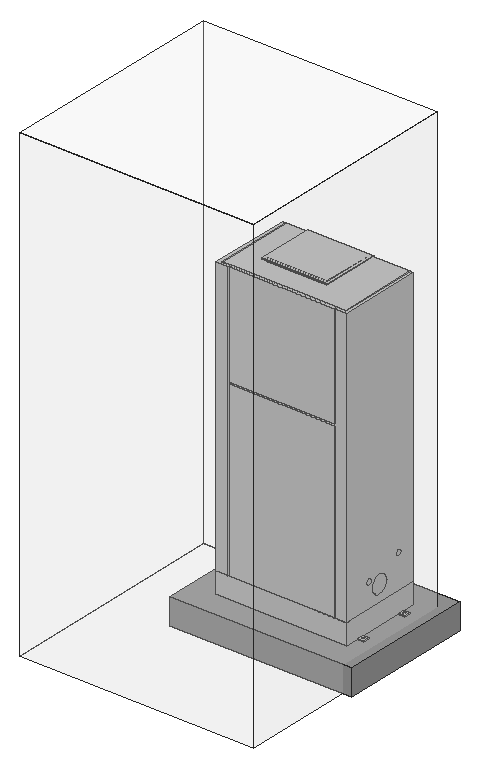
Revit family "pfav-p80_1600dmj1_60Hz", category 機械設備, Revit 2019
Family settings
  丸型コネクタ寸法 = 直径を使用
  パーツ タイプ = 標準
  OmniClass 番号 = 23.75.10.24.21.27.27
  OmniClass タイトル = Split System Air Conditioning Units
  作業面ベース = いいえ
  常に垂直 = はい
  ロード時にボイドで切り取り = いいえ
  共有 = いいえ
  部屋計算ポイント = いいえ
Parameters (values of type "PFAV-P80DMJ1")
  風量（m3／min） = 27
  風量 = MAX風量  # 1620.0 m³/h
  音響パワーレベル(dB) = 61
  電源種別 = ""
  電圧_電気ヒーター = 0 V
  電圧 = 200 V
  電動機出力_送風機 = 1200 W
  電動機出力_圧縮機 = 0 W
  運転質量 = 0.00 kg
  連動 = ""
  質量 = if(製品質量 > 運転質量, 製品質量, 運転質量) * 1.2  # 145.20 kg
  負荷分類 = 3_ファン類
  説明 = "設備用パッケージエアコン 空冷床置形・冷暖兼用 ファシレアＤＤ"
  設計暖房能力 [instance] = 0 kW
  設計冷房能力_顕熱 [instance] = 0 kW
  設計冷房能力 [instance] = 0 kW
  設置方法 = "床置形"
  記号 [instance] = ""
  製造元 = "三菱電機株式会社"
  製品質量 = 121.00 kg
  製品出荷対象 = "国内"
  製品リリース年月 = "2017年4月18日"
  製品グループ = ""
  系統 [instance] = ""
  符号 = "PAC-FRV(J)"
  積算_科目 = "1 空気調和設備"
  積算_拾い区分 [instance] = ""
  相_電気ヒーター = 1
  相 = 3
  盤記号 [instance] = ""
  発停方法 = ""
  特殊仕様 [instance] = ""
  火災停止 = ""
  消費電力_電気ヒーター = 0 W
  消費電力_暖房 = 150 W
  消費電力_加湿器 = 0 W
  消費電力_冷房 = 150 W
  消費電力 = if(消費電力_冷房 > 消費電力_暖房, 消費電力_冷房, 消費電力_暖房) + 消費電力_加湿器 + 消費電力_電気ヒーター  # 150 W
  法定耐用年数 = "15"
  機械基礎質量 [instance] = 0.00 kg
  機械基礎_W = 0 mm
  機械基礎_H = 0 mm
  機械基礎_D = 0 mm
  機械基礎 [instance] = no
  機外静圧 = 30.0 Pa
  極数 = 3
  材質 [instance] = ""
  本体マテリアル = none
  有効加湿量 = 0
  最小電線太さ_mm2 = 1.6
  最大電流値 = 5 A
  暖房能力 = 8 kW
  推奨ブレーカー容量 = 15 A
  形式_加湿器 = ""
  形式 = "床置（露出）立形"
  形名 = PFAV-P-DMJ : PFAV-P80DMJ1
  幹線記号 [instance] = ""
  始動方式 = "直入"
  呼称 = "パッケージ形空気調和機_室内機"
  周波数 = 60 Hz
  台数_手元リモコン [instance] = ""
  台数_冷媒分岐ユニット [instance] = ""
  参照している仕様書等のバージョン = "公共建築工事標準仕様書（機械設備工事編）平成31年度版"
  加湿給水管径 = 27.00 mm
  分類コード = "50053003023020"
  分類グループ = ""
  冷房能力 = 7.1 kW
  冷媒高低圧ガス管径 = 0.00 mm
  冷媒管径符号 = "Bd"
  冷媒管径 = 100.00 mm
  冷媒液管径 = 9.52 mm
  冷媒ガス管径 = 15.88 mm
  価格 = 0
  企業コード = "108420"
  付属品_フィルター = ""
  付属品 [instance] = ""
  仕様書バージョン = "Version1.0"
  モデル = "PFAV-P80DMJ1"
  ドレン管径 = 34.00 mm
  ダクト高 = 334 mm
  ダクト幅 = 383 mm
  サービススペース = yes
  コメント [instance] = ""
  Keynote = ""
  Width = 760 mm
  Version = ""
  Uniclass2015Version = "Systems v1.9"
  Uniclass2015Title = "Split coil remote air cooled condensing units"
  Uniclass2015Code = "Pr_70_65_03_84"
  URL = "https://www.mitsubishielectric.co.jp/ldg/wink/ssl/displayProduct.do?pid=278603"
  S寸法 = 150 mm
  SpecificationReference = ""
  SpecificationDescription = ""
  Revision = ""
  ProductInformation = ""
  OmniClassCode = "23-33 17 13 11"
  MAX風量 = 風量（m3／min） * 60.0 m³/h  # 1620.0 m³/h
  IfcTypeProduct = ""
  IfcProduct = ""
  IfcExportType = "AIRCONDITIONINGUNIT"
  IfcExportAs = "IfcUnitaryEquipmentType"
  Height = 1730 mm
  Depth = 485 mm
  Clearance Top = 1000 mm
  Clearance Right = 100 mm
  Clearance Left = 500 mm
  Clearance Front = 800 mm
  Clearance Back = 50 mm
  COP = 0
  Author = "三菱電機株式会社"
  APF = 0
Types (11, lengths in mm): name | 風量（m3／min） | 風量 | 音響パワーレベル(dB) | 電動機出力_送風機 | 質量 | 製品質量 | 消費電力_暖房 | 消費電力_冷房 | 消費電力 | 機外静圧 | 最小電線太さ_mm2 | 最大電流値 | 暖房能力 | 推奨ブレーカー容量 | 形名 | 冷房能力 | 冷媒管径符号 | 冷媒液管径 | 冷媒ガス管径 | モデル | ドレン管径 | ダクト高 | ダクト幅 | Width | URL | MAX風量 | Height | Depth | Clearance Left | Clearance Front
  PFAV-P80DMJ1 | 27 | 1620.0 m³/h | 61 | 1200 W | 145.20 kg | 121.00 kg | 150 W | 150 W | 150 W | 30.0 Pa | 1.6 | 5 A | 8 kW | 15 A | PFAV-P-DMJ : PFAV-P80DMJ1 | 7.1 kW | "Bd" | 9.52 | 15.88 | "PFAV-P80DMJ1" | 34.00 | 334 | 383 | 760 | "https://www.mitsubishielectric.co.jp/ldg/wink/ssl/displayProduct.do?pid=278603" | 1620.0 m³/h | 1730 | 485 | 500 | 800
  PFAV-P280DMJ1 | 90 | 5400.0 m³/h | 76 | 1200 W | 168.00 kg | 140.00 kg | 1150 W | 1150 W | 1150 W | 30.0 Pa | 1.6 | 5.8 A | 28 kW | 15 A | PFAV-P-DMJ : PFAV-P280DMJ1 | 25 kW | "Bf" | 9.52 | 22.20 | "PFAV-P280DMJ1" | 34.00 | 334 | 715 | 980 | "https://www.mitsubishielectric.co.jp/ldg/wink/ssl/displayProduct.do?pid=278614" | 5400.0 m³/h | 1730 | 485 | 500 | 800
  PFAV-P450DMJ1 | 140 | 8400.0 m³/h | 75 | 2400 W | 288.00 kg | 240.00 kg | 1310 W | 1310 W | 1310 W | 30.0 Pa | 1.6 | 9.7 A | 45 kW | 15 A | PFAV-P-DMJ : PFAV-P450DMJ1 | 40 kW | "Dh" | 15.88 | 28.58 | "PFAV-P450DMJ1" | 34.00 | 489 | 1046 | 1200 | "https://www.mitsubishielectric.co.jp/ldg/wink/ssl/displayProduct.do?pid=278602" | 8400.0 m³/h | 1897 | 635 | 100 | 1000
  PFAV-P140DMJ1 | 45 | 2700.0 m³/h | 68 | 1200 W | 163.20 kg | 136.00 kg | 410 W | 410 W | 410 W | 30.0 Pa | 1.6 | 5 A | 14 kW | 15 A | PFAV-P-DMJ : PFAV-P140DMJ1 | 12.5 kW | "Bd" | 9.52 | 15.88 | "PFAV-P140DMJ1" | 34.00 | 334 | 383 | 760 | "https://www.mitsubishielectric.co.jp/ldg/wink/ssl/displayProduct.do?pid=278604" | 2700.0 m³/h | 1730 | 485 | 500 | 800
  PFAV-P224DMJ1 | 65 | 3900.0 m³/h | 68 | 1200 W | 163.20 kg | 136.00 kg | 510 W | 510 W | 510 W | 30.0 Pa | 1.6 | 5.8 A | 22.4 kW | 15 A | PFAV-P-DMJ : PFAV-P224DMJ1 | 20 kW | "Be" | 9.52 | 19.05 | "PFAV-P224DMJ1" | 34.00 | 334 | 715 | 980 | "https://www.mitsubishielectric.co.jp/ldg/wink/ssl/displayProduct.do?pid=278605" | 3900.0 m³/h | 1730 | 485 | 500 | 800
  PFAV-P560DMJ1 | 165 | 9900.0 m³/h | 78 | 2400 W | 288.00 kg | 240.00 kg | 1690 W | 1690 W | 1690 W | 30.0 Pa | 1.6 | 9.7 A | 56 kW | 15 A | PFAV-P-DMJ : PFAV-P560DMJ1 | 50 kW | "Dh" | 15.88 | 28.58 | "PFAV-P560DMJ1" | 34.00 | 489 | 1046 | 1200 | "https://www.mitsubishielectric.co.jp/ldg/wink/ssl/displayProduct.do?pid=278590" | 9900.0 m³/h | 1897 | 635 | 100 | 1000
  PFAV-P670DMJ1 | 210 | 12600.0 m³/h | 77 | 7500 W | 501.60 kg | 418.00 kg | 2140 W | 2140 W | 2140 W | 67.0 Pa | 5.5 | 21 A | 8 kW | 40 A | PFAV-P-DMJ : PFAV-P670DMJ1 | 63 kW | "Dh" | 15.88 | 28.58 | "PFAV-P670DMJ1" | 42.70 | 484 | 677 | 1750 | "https://www.mitsubishielectric.co.jp/ldg/wink/ssl/displayProduct.do?pid=278616" | 12600.0 m³/h | 1830 | 1064 | 100 | 1000
  PFAV-P800DMJ1 | 260 | 15600.0 m³/h | 82 | 7500 W | 508.80 kg | 424.00 kg | 3640 W | 3640 W | 3640 W | 30.0 Pa | 5.5 | 21 A | 80 kW | 40 A | PFAV-P-DMJ : PFAV-P800DMJ1 | 71 kW | "Ei" | 19.05 | 31.75 | "PFAV-P800DMJ1" | 42.70 | 484 | 677 | 1750 | "https://www.mitsubishielectric.co.jp/ldg/wink/ssl/displayProduct.do?pid=278592" | 15600.0 m³/h | 1830 | 1064 | 100 | 1000
  PFAV-P1120DMJ1 | 340 | 20400.0 m³/h | 85 | 11000 W | 567.60 kg | 473.00 kg | 5960 W | 5960 W | 5960 W | 30.0 Pa | 8 | 32.4 A | 112 kW | 50 A | PFAV-P-DMJ : PFAV-P1120DMJ1 | 100 kW | "Ek" | 19.05 | 38.10 | "PFAV-P1120DMJ1" | 42.70 | 484 | 677 | 1750 | "https://www.mitsubishielectric.co.jp/ldg/wink/ssl/displayProduct.do?pid=278593" | 20400.0 m³/h | 1830 | 1064 | 100 | 1000
  PFAV-P1400DMJ1 | 450 | 27000.0 m³/h | 77 | 15000 W | 778.80 kg | 649.00 kg | 6090 W | 6090 W | 6090 W | 30.0 Pa | 14 | 42 A | 140 kW | 75 A | PFAV-P-DMJ : PFAV-P1400DMJ1 | 122 kW | "Ek" | 19.05 | 38.10 | "PFAV-P1400DMJ1" | 42.70 | 520 | 1806 | 2045 | "https://www.mitsubishielectric.co.jp/ldg/wink/ssl/displayProduct.do?pid=278594" | 27000.0 m³/h | 1830 | 1064 | 100 | 1000
  PFAV-P1600DMJ1 | 520 | 31200.0 m³/h | 79 | 22000 W | 866.40 kg | 722.00 kg | 8420 W | 8420 W | 8420 W | 30.0 Pa | 22 | 64.8 A | 160 kW | 75 A | PFAV-P-DMJ : PFAV-P1600DMJ1 | 140 kW | "Ei" | 19.05 | 31.75 | "PFAV-P1600DMJ1" | 42.70 | 520 | 1806 | 2045 | "https://www.mitsubishielectric.co.jp/ldg/wink/ssl/displayProduct.do?pid=278595" | 31200.0 m³/h | 1830 | 1064 | 100 | 1000
Reference planes
  plane 1: z = 0
  plane 2: z = 1730
  plane 3: z = 0
  plane 4: z = 2730
  plane 5 "中心(正面/背面)": y = -242.5
  plane 6 "中心(左/右)": x = 0
  plane 7 "左": x = -380
  plane 8 "右": x = 380
  plane 9 "正面": y = -485
  plane 10 "背面": y = 0
  plane 11: y = 150
  plane 12: x = -530
  plane 13: y = -635
  plane 14: y = 50
  plane 15: y = -1285
  plane 16: x = -880
  plane 17: x = 480
  plane 18: x = 530
Dimensions and locks
  "Height": plane 2 to plane 3
  "Clearance Top": plane 4 to plane 2
  "機械基礎_H": plane 3 to plane 1
  equal spacing: plane 7 "左", plane 6 "中心(左/右)", plane 8 "右"
  "Width": plane 7 "左" to plane 8 "右"
  equal spacing: plane 9 "正面", plane 5 "中心(正面/背面)", plane 10 "背面"
  "Depth": plane 9 "正面" to plane 10 "背面"
  "S寸法": plane 10 "背面" to plane 11
  "S寸法": plane 13 to plane 9 "正面"
  "S寸法": plane 12 to plane 7 "左"
  "Clearance Left": plane 16 to plane 7 "左"
  "Clearance Right": plane 8 "右" to plane 17
  "Clearance Front": plane 15 to plane 9 "正面"
  "Clearance Back": plane 10 "背面" to plane 14
  "S寸法": plane 8 "右" to plane 18
  aligned and locked: level to plane 1
  aligned and locked: plane 13 to nested 1
  aligned and locked: plane 12 to nested 1
  aligned and locked: plane 11 to nested 1
  aligned and locked: plane 17 to nested 2
  aligned and locked: plane 15 to nested 2
  aligned and locked: nested 2 to plane 16
  aligned and locked: nested 2 to plane 14
  aligned and locked: plane 18 to nested 1
  aligned and locked: plane 4 to nested 2
  aligned and locked: plane 6 "中心(左/右)" to nested 3
  aligned and locked: plane 5 "中心(正面/背面)" to nested 3
Nested families
  nested 1: "機械基礎" at (0, -242.5, 0), type "機械基礎", detail levels fine
    with 機械基礎質量 184.68 kg, 機械基礎_W 1060 mm, 機械基礎_H 150 mm, 機械基礎_D 785 mm
  nested 2: "サービススペース(PFAV-P_DMJ)" at (-200, -617.5, 1365), visible <- "サービススペース", type "サービススペース(PFAV-P_DMJ)"
    with Width 1360 mm, Height 2730 mm, Depth 1335 mm
  nested 3: "PFAV-P-DMJ" at (0, -242.5, 150), type <- "形名", マテリアル1 <- "本体マテリアル", type "PFAV-P80DMJ1"
    with 表示 yes, マテリアル2 none, マテリアル1 none
Connectors
  hvac at (-27.5, -186, 1900), driven by "ダクト幅", driven by "ダクト高", driven by "機外静圧", driven by "風量"
    settings: on nested 3, index 1, duct flow 1620.0 m³/h, flow factor 0, pres drop 30.0 Pa, loss coef 0, conn angle 0.00°, conn width 334 mm, conn height 383 mm, conn diameter 609.6 mm, duct sys type 1, conn prof type 1, flow config 1, flow direction 2, loss method 4, conn ref index -1, conn util no, is conn primary yes, conn desc ""
  piping at (383, -249, 367), diameter 100, driven by "冷媒管径", driven by "冷媒管径符号"
    settings: on nested 3, index 2, connector inside diameter 609.60 mm, connector length 0 mm, flow factor 0, pipe flow 0.0 L/s, pressure drop 0.0 Pa, fitting loss kfactor 0, connector angle 0.00°, fixture units 0, engagement length 0 mm, angle of deflection 0.00°, flow configuration 1, flow direction 1, fitting loss method 4, system type 7, joint type 0, gender type 0, connector reference index -1, connector utility 0, adjustable connector no, is connector primary yes, connector description "Bd"
  electrical at (383, -326, 412), driven by "極数", driven by "負荷分類", driven by "電圧", driven by "消費電力"
    settings: on nested 3, index 3, voltage 200 V, apparent load 150 VA, apparent load phase1 0 VA, apparent load phase2 0 VA, apparent load phase3 0 VA, power factor 1, load classification "3_ファン類", number of poles 3, system type 30, power factor state 1, is connector primary yes, connector utility no, sub classification motor no, connector description ""
  piping at (383, -111, 472), diameter 27, driven by "加湿給水管径"
    settings: on nested 3, index 4, connector inside diameter 609.60 mm, connector length 0 mm, flow factor 0, pipe flow 0.0 L/s, pressure drop 0.0 Pa, fitting loss kfactor 0, connector angle 0.00°, fixture units 0, engagement length 0 mm, angle of deflection 0.00°, flow configuration 1, flow direction 1, fitting loss method 4, system type 20, joint type 0, gender type 0, connector reference index -1, connector utility 0, adjustable connector no, is connector primary no, connector description ""
Definition of nested family "機械基礎"
  Parameters (values of type "機械基礎")
    機械基礎質量 [instance] = 0.00 kg
    機械基礎_W [instance] = 1300 mm
    機械基礎_H [instance] = 150 mm
    機械基礎_D [instance] = 1300 mm
  Reference planes
    plane 1 "中心(正面/背面)": y = 0
    plane 2: z = 0
    plane 3 "中心(左/右)": x = 0
    plane 4: x = -650
    plane 5: y = -650
    plane 6: x = 650
    plane 7: y = 650
    plane 8: z = 150
  Forms (mm)
    Extrusion 1, solid, detail levels fine
      sketch origin (0, 0, 0) x (1, 0, 0) y (0, 1, 0)
        loop
          line (-650, -650) -> (650, -650) -> (650, 650) -> (-650, 650) -> (-650, -650)
      from 0 to 150
  Lines and regions (mm)
    symbolic lines, detail levels fine
      curve 1: line (-650, 650, 0) -> (650, 650, 0)
      curve 2: line (-650, -650, 0) -> (-650, 650, 0)
      curve 3: line (650, -650, 0) -> (-650, -650, 0)
      curve 4: line (650, 650, 0) -> (650, -650, 0)
    symbolic lines
      curve 5: line (-650, 0, 150) -> (650, 0, 150)
      curve 6: line (-650, 0, 0) -> (-650, 0, 150)
      curve 7: line (650, 0, 0) -> (-650, 0, 0)
      curve 8: line (650, 0, 150) -> (650, 0, 0)
      curve 9: line (0, -650, 150) -> (0, 650, 150)
      curve 10: line (0, -650, 0) -> (0, -650, 150)
      curve 11: line (0, 650, 0) -> (0, -650, 0)
      curve 12: line (0, 650, 150) -> (0, 650, 0)
  Dimensions and locks
    "機械基礎_H": plane 8 to plane 2
    "機械基礎_W": plane 4 to plane 6
    "機械基礎_D": plane 5 to plane 7
    equal spacing: plane 5, plane 1 "中心(正面/背面)", plane 7
    equal spacing: plane 4, plane 3 "中心(左/右)", plane 6
    aligned and locked: plane 6 to Extrusion 1
    aligned and locked: Extrusion 1 to plane 4
    aligned and locked: Extrusion 1 to plane 7
    aligned and locked: Extrusion 1 to plane 5
    aligned and locked: plane 8 to Extrusion 1
    aligned and locked: curve 1 to Extrusion 1
    aligned and locked: curve 2 to Extrusion 1
    aligned and locked: curve 3 to Extrusion 1
    aligned and locked: curve 4 to Extrusion 1
    aligned and locked: curve 5 to Extrusion 1
    aligned and locked: curve 6 to Extrusion 1
    aligned and locked: curve 7 to Extrusion 1
    aligned and locked: curve 8 to Extrusion 1
    aligned and locked: curve 9 to Extrusion 1
    aligned and locked: curve 10 to Extrusion 1
    aligned and locked: curve 11 to Extrusion 1
    aligned and locked: curve 12 to Extrusion 1
  Automatic sketch dimensions
    Extrusion 1 sketch curve to plane 4 = 0 mm
    Extrusion 1 sketch curve to plane 6 = 0 mm
    plane 5 to Extrusion 1 sketch curve = 0 mm
    plane 7 to Extrusion 1 sketch curve = 0 mm
Definition of nested family "サービススペース(PFAV-P_DMJ)"
  Parameters (values of type "サービススペース")
    Width [instance] = 500 mm
    Height [instance] = 500 mm
    Depth [instance] = 500 mm
  Reference planes
    plane 1 "中心(正面/背面)": y = 0
    plane 2: z = 0
    plane 3 "中心(左/右)": x = 0
    plane 4: y = -250
    plane 5: x = 250
    plane 6: y = 250
    plane 7: x = -250
    plane 8: z = 250
    plane 9: z = -250
  Forms (mm)
    Extrusion 1, solid
      sketch origin (-638.939, 0, 72.39) x (1, 0, 0) y (0, 1, 0)
        loop
          line (388.939, 250) -> (388.939, -250) -> (888.939, -250) -> (888.939, 250) -> (388.939, 250)
      from -322.39 to 177.61
  Lines and regions (mm)
    symbolic lines
      curve 1: line (-250, 0, 250) -> (250, 0, 250)
      curve 2: line (-250, 0, -250) -> (-250, 0, 250)
      curve 3: line (250, 0, -250) -> (-250, 0, -250)
      curve 4: line (250, 0, 250) -> (250, 0, -250)
      curve 5: line (0, -250, 250) -> (0, 250, 250)
      curve 6: line (0, -250, -250) -> (0, -250, 250)
      curve 7: line (0, 250, -250) -> (0, -250, -250)
      curve 8: line (0, 250, 250) -> (0, 250, -250)
      curve 9: line (-250, 250, 0) -> (250, 250, 0)
      curve 10: line (-250, -250, 0) -> (-250, 250, 0)
      curve 11: line (250, -250, 0) -> (-250, -250, 0)
      curve 12: line (250, 250, 0) -> (250, -250, 0)
  Dimensions and locks
    equal spacing: plane 7, plane 3 "中心(左/右)", plane 5
    equal spacing: plane 4, plane 1 "中心(正面/背面)", plane 6
    "Depth": plane 4 to plane 6
    "Width": plane 7 to plane 5
    equal spacing: plane 8, plane 2, plane 9
    "Height": plane 8 to plane 9
    aligned and locked: plane 9 to curve 3
    aligned and locked: plane 7 to curve 2
    aligned and locked: curve 4 to plane 5
    aligned and locked: plane 5 to Extrusion 1
    aligned and locked: Extrusion 1 to plane 7
    aligned and locked: Extrusion 1 to plane 9
    aligned and locked: plane 8 to Extrusion 1
    aligned and locked: plane 9 to curve 7
  Automatic sketch dimensions
    plane 4 to Extrusion 1 sketch curve = 0 mm
    Extrusion 1 sketch curve to plane 7 = 0 mm
    Extrusion 1 sketch curve to plane 5 = 0 mm
    plane 6 to Extrusion 1 sketch curve = 0 mm
    curve 2 to plane 8 = 0 mm
    plane 4 to curve 11 = 0 mm
    curve 11 to plane 7 = 0 mm
    curve 11 to plane 5 = 0 mm
    plane 6 to curve 10 = 0 mm
    curve 7 to plane 4 = 0 mm
    curve 7 to plane 6 = 0 mm
    curve 6 to plane 8 = 0 mm
Definition of nested family "PFAV-P-DMJ"
  Parameters (values of type "PFAV-P80DMJ1")
    液径 = 9.52 mm
    液-W = 0 mm
    液-H = 172 mm
    液-D = 249 mm
    ドレン② = no
    ドレン① = yes
    ①高 = 1730 mm
    電源径 = 27 mm
    電源-W = 0 mm
    電源-H = 262 mm
    電源-D = 326 mm
    表示 [instance] = yes
    ①幅 = 760 mm
    ①奥行 = 485 mm
    吊りボルト径 = 12 mm
    吊りボルト-W = 806 mm
    吊りボルト-D = 300 mm
    吊りボルト-H = 0 mm
    加湿給水管径 = 27 mm
    加湿給水-W = 0 mm
    加湿給水-H = 322 mm
    加湿給水-D = 111 mm
    冷媒径 = 100 mm
    ガス径 = 15.88 mm
    ガス-W = 0 mm
    ガス-H = 262 mm
    ガス-D = 249 mm
    マテリアル2 [instance] = none
    マテリアル1 [instance] = none
    ドレン径 = 34 mm
    ドレン-W = 200 mm
    ドレン-H = 54 mm
    ドレン-D = 240 mm
    w = 343 mm
    h = 20 mm
    e = 600 mm
    c = 10 mm
    d = 294 mm
    b = 216 mm
    a = 19 mm
  Types (11, lengths in mm): name | 液径 | 液-H | 液-D | ドレン② | ドレン① | ①高 | 電源-H | 電源-D | ①幅 | ①奥行 | 吊りボルト-W | 吊りボルト-D | 加湿給水-H | 加湿給水-D | ガス径 | ガス-H | ガス-D | ドレン-W | ドレン-H | ドレン-D | w | h | c | d | b | a
    PFAV-P80DMJ1 | 9.52 | 172 | 249 | no | yes | 1730 | 262 | 326 | 760 | 485 | 806 | 300 | 322 | 111 | 15.88 | 262 | 249 | 200 | 54 | 240 | 343 | 20 | 10 | 294 | 216 | 19
    PFAV-P140DMJ1 | 9.52 | 172 | 249 | no | yes | 1730 | 262 | 326 | 760 | 485 | 806 | 300 | 322 | 111 | 15.88 | 262 | 249 | 200 | 54 | 240 | 343 | 20 | 10 | 294 | 216 | 19
    PFAV-P224DMJ1 | 9.52 | 172 | 249 | no | yes | 1730 | 262 | 326 | 980 | 485 | 1026 | 300 | 322 | 111 | 19.05 | 262 | 249 | 200 | 54 | 240 | 675 | 20 | 10 | 294 | 171 | 22
    PFAV-P280DMJ1 | 9.52 | 172 | 249 | no | yes | 1730 | 262 | 326 | 980 | 485 | 1026 | 300 | 322 | 111 | 19.05 | 262 | 249 | 200 | 54 | 240 | 675 | 20 | 10 | 294 | 171 | 22
    PFAV-P450DMJ1 | 12.7 | 203 | 254 | no | yes | 1897 | 249 | 475 | 1200 | 635 | 1246 | 440 | 249 | 321 | 28.58 | 209 | 128 | 200 | 64 | 314 | 1006 | 3 | 10 | 449 | 77 | 24
    PFAV-P560DMJ1 | 12.7 | 203 | 254 | no | yes | 1897 | 249 | 475 | 1200 | 635 | 1246 | 440 | 249 | 321 | 28.58 | 209 | 128 | 200 | 64 | 314 | 1006 | 3 | 10 | 449 | 77 | 24
    PFAV-P670DMJ1 | 15.88 | 255 | 408 | yes | no | 1830 | 249 | 475 | 1750 | 1064 | 1806 | 931 | 260 | 649 | 28.58 | 215 | 313 | 875 | 40 | 314 | 637 | 30 | 3 | 444 | 77 | 24
    PFAV-P800DMJ1 | 19.05 | 255 | 408 | yes | no | 1830 | 249 | 475 | 1750 | 1064 | 1806 | 931 | 260 | 649 | 31.75 | 215 | 313 | 875 | 40 | 314 | 637 | 30 | 3 | 444 | 77 | 24
    PFAV-P1120DMJ1 | 19.05 | 255 | 408 | yes | no | 1830 | 249 | 475 | 1750 | 1064 | 1806 | 931 | 260 | 649 | 38.1 | 215 | 313 | 875 | 40 | 314 | 637 | 30 | 3 | 444 | 77 | 24
    PFAV-P1400DMJ1 | 19.05 | 255 | 218 | yes | no | 1830 | 249 | 475 | 2045 | 1064 | 2101 | 931 | 260 | 649 | 38.1 | 245 | 123 | 1023 | 40 | 314 | 1766 | 30 | 3 | 480 | 77 | 24
    PFAV-P1600DMJ1 | 19.05 | 255 | 218 | yes | no | 1830 | 249 | 475 | 2045 | 1064 | 2101 | 931 | 260 | 649 | 31.75 | 245 | 123 | 1023 | 40 | 314 | 1766 | 30 | 3 | 480 | 77 | 24
  Reference planes
    plane 1 "中心(正面/背面)": y = 0
    plane 2: z = 0
    plane 3 "中心(左/右)": x = 0
    plane 4: x = 380
    plane 5: x = -380
    plane 6: y = 242.5
    plane 7: y = -242.5
    plane 8: z = 1750
    plane 9: z = 1130
    plane 10: z = 1730
    plane 11: z = 120
    plane 12: y = 150
    plane 13: y = -150
    plane 14: x = 403
    plane 15: x = -403
    plane 16: y = 223.5
    plane 17: y = -162.5
    plane 18: z = 54
    plane 19: z = 262
    plane 20: y = -6.5
    plane 21: z = 172
    plane 22: z = 262
    plane 23: z = 1748
    plane 24: y = -6.5
    plane 25: x = 360
    plane 26: x = -360
    plane 27: z = 1120
    plane 28: y = -222.5
    plane 29: x = -310
    plane 30: x = 310
    plane 31: y = -239.5
    plane 32: x = 420
    plane 33: x = -420
    plane 34: y = 170
    plane 35: y = 130
    plane 36: y = -130
    plane 37: y = -170
    plane 38: y = 203.5
    plane 39: z = 5
    plane 40: x = 164
    plane 41: x = 144
    plane 42: x = -199
    plane 43: x = -219
    plane 44: y = -110.5
    plane 45: y = -90.5
    plane 46: y = 2.5
    plane 47: y = -83.5
    plane 48: x = 383
    plane 49: y = -6.5
    plane 50: z = 217
    plane 51: y = 131.5
    plane 52: z = 322
    plane 53: x = -381
    plane 54: y = 243.5
    plane 55: x = 180
  Forms (mm)
    Extrusion 1, solid, material <- "マテリアル1", visible <- "表示", detail levels fine
      sketch origin (0, 0, -400) x (1, 0, 0) y (0, 1, 0)
        loop
          line (310, -222.5) -> (-310, -222.5) -> (-310, -239.5) -> (310, -239.5) -> (310, -222.5)
      from 1530 to 2130
    Extrusion 2, solid, material <- "マテリアル1", visible <- "表示", detail levels fine
      sketch origin (0, 0, -800) x (1, 0, 0) y (0, 1, 0)
        loop
          line (-310, -239.5) -> (310, -239.5) -> (310, -222.5) -> (-310, -222.5) -> (-310, -239.5)
      from 920 to 1920
    Extrusion 3, solid, material <- "マテリアル2", visible <- "表示", detail levels fine
      sketch origin (0, 0, 0) x (1, 0, 0) y (0, 1, 0)
        loop
          line (380, 170) -> (380, 130) -> (420, 130) -> (420, 170) -> (380, 170)
        loop
          line (380, -130) -> (380, -170) -> (420, -170) -> (420, -130) -> (380, -130)
        loop
          line (-420, 170) -> (-420, 130) -> (-380, 130) -> (-380, 170) -> (-420, 170)
        loop
          line (-420, -130) -> (-420, -170) -> (-380, -170) -> (-380, -130) -> (-420, -130)
        loop
          circle (-403, 150) r 6
        loop
          circle (403, 150) r 6
        loop
          circle (403, -150) r 6
        loop
          circle (-403, -150) r 6
      from 0 to 5
    Extrusion 4, solid, material <- "マテリアル2", visible <- "表示", detail levels fine
      sketch origin (0, -1140, 0) x (0, -1, 0) y (1, 0, 0)
        loop
          line (-1343.5, 144) -> (-1343.5, -199) -> (-1049.5, -199) -> (-1049.5, 144) -> (-1343.5, 144)
      from 1730 to 1748
    Extrusion 5, solid, material <- "マテリアル2", visible <- "表示", detail levels fine
      sketch origin (0, -1140, -430) x (0, -1, 0) y (1, 0, 0)
        loop
          line (-1363.5, 164) -> (-1363.5, -219) -> (-1029.5, -219) -> (-1029.5, 164) -> (-1363.5, 164)
      from 2178 to 2180
    Extrusion 6, solid, material <- "マテリアル1", visible <- "表示", detail levels fine
      sketch origin (-1437.329, -1524, 1750) x (-1, 0, 0) y (0, -1, 0)
        loop
          line (-1057.329, -1766.5) -> (-1057.329, -1281.5) -> (-1127.329, -1281.5) -> (-1127.329, -1301.5) -> (-1077.329, -1301.5) -> (-1077.329, -1766.5) -> (-1057.329, -1766.5)
        loop
          line (-1797.329, -1766.5) -> (-1797.329, -1301.5) -> (-1747.329, -1301.5) -> (-1747.329, -1281.5) -> (-1817.329, -1281.5) -> (-1817.329, -1766.5) -> (-1797.329, -1766.5)
      from -1630 to -20
    Extrusion 7, solid, material <- "マテリアル1", visible <- "表示", detail levels fine
      sketch origin (-1437.329, -1524, 1750) x (-1, 0, 0) y (0, -1, 0)
        loop
          line (-1797.329, -1766.5) -> (-1077.329, -1766.5) -> (-1077.329, -1301.5) -> (-1797.329, -1301.5) -> (-1797.329, -1766.5)
      from -1630 to -20
    Extrusion 8, solid, material <- "マテリアル2", visible <- "表示", detail levels fine
      sketch origin (-1437.329, -1524, 1750) x (-1, 0, 0) y (0, -1, 0)
        loop
          line (-1057.329, -1766.5) -> (-1057.329, -1281.5) -> (-1817.329, -1281.5) -> (-1817.329, -1766.5) -> (-1057.329, -1766.5)
      from -1750 to -1630
    Extrusion 9, solid, material <- "マテリアル2", visible <- "表示", detail levels fine
      sketch origin (380, 1296.25, 1200) x (0, 1, 0) y (0, 0, 1)
        loop
          circle (-1379.75, -938) r 13.5
        loop
          circle (-1164.75, -878) r 13.5
      from 0 to 3
    Extrusion 10, solid, material <- "マテリアル1", visible <- "表示", detail levels fine
      sketch origin (380, 1296.25, 1200) x (0, 1, 0) y (0, 0, 1)
        loop
          circle (-1302.75, -983) r 50
      from 0 to 3
    Extrusion 11, solid, material <- "マテリアル1", visible <- "ドレン①", detail levels fine
      sketch origin (-380, 1296.25, 1200) x (0, 1, 0) y (0, 0, 1)
        loop
          circle (-1293.75, -1146) r 17
      from -1 to 0
    Extrusion 12, solid, material <- "マテリアル1", visible <- "ドレン②", detail levels fine
      sketch origin (1480.036, -239.5, 2000) x (1, 0, 0) y (0, 0, 1)
        loop
          circle (-1300.036, -1946) r 17
      from -483 to -482
  Lines and regions (mm)
    Masking region 1, visible <- "表示", detail levels coarse+medium
      outline origin (0, 0, 0) x (1, 0, 0) y (0, 1, 0)
        loop
          line (-380, 242.5) -> (-380, -242.5) -> (380, -242.5) -> (380, 242.5) -> (-380, 242.5)
    symbolic lines, visible <- "表示"
      curve 1: line (-380, 242.5, 1750) -> (-380, -242.5, 1750)
      curve 2: line (-380, -242.5, 1750) -> (380, -242.5, 1750)
      curve 3: line (380, -242.5, 1750) -> (380, 242.5, 1750)
      curve 4: line (380, 242.5, 1750) -> (-380, 242.5, 1750)
      curve 5: line (-219, 223.5, 1750) -> (-219, -110.5, 1750)
      curve 6: line (-219, -110.5, 1750) -> (164, -110.5, 1750)
      curve 7: line (164, -110.5, 1750) -> (164, 223.5, 1750)
      curve 8: line (164, 223.5, 1750) -> (-219, 223.5, 1750)
  Dimensions and locks
    equal spacing: plane 7, plane 1 "中心(正面/背面)", plane 6
    "①奥行": plane 7 to plane 6
    equal spacing: plane 5, plane 3 "中心(左/右)", plane 4
    "①幅": plane 5 to plane 4
    locked: plane 11 to level at 120
    equal spacing: plane 13, plane 1 "中心(正面/背面)", plane 12
    "吊りボルト-D": plane 13 to plane 12
    equal spacing: plane 15, plane 3 "中心(左/右)", plane 14
    "吊りボルト-W": plane 15 to plane 14
    "a": plane 16 to plane 6
    locked: plane 7 to plane 17 at 80
    "ドレン-H": plane 18 to level
    "電源-H": plane 19 to level
    "液-H": plane 21 to level
    "e": plane 10 to plane 9
    "ガス-H": plane 22 to level
    "h": plane 8 to plane 10
    locked: plane 8 to plane 23 at 2
    locked: plane 5 to plane 26 at 20
    locked: plane 25 to plane 4 at 20
    "c": plane 9 to plane 27
    locked: plane 7 to plane 28 at 20
    locked: plane 26 to plane 29 at 50
    locked: plane 30 to plane 25 at 50
    locked: plane 7 to plane 31 at 3
    locked: plane 33 to plane 5 at 40
    locked: plane 4 to plane 32 at 40
    plane 37 to plane 13 to plane 36 = 20 mm locked, 20 mm locked
    plane 35 to plane 12 to plane 34 = 20 mm locked, 20 mm locked
    locked: plane 38 to plane 16 at 20
    locked: plane 39 to level at 5
    "b": plane 40 to plane 4
    locked: plane 43 to plane 42 at 20
    locked: plane 41 to plane 40 at 20
    "w": plane 42 to plane 41
    locked: plane 44 to plane 45 at 20
    "d": plane 45 to plane 38
    "①高": plane 10 to level
    "液-D": plane 20 to plane 6
    "ガス-D": plane 24 to plane 6
    "ドレン-D": plane 46 to plane 6
    "電源-D": plane 47 to plane 6
    locked: plane 4 to plane 48 at 3
    equal spacing: plane 20, plane 49, plane 24
    equal spacing: plane 22, plane 50, plane 21
    "加湿給水-D": plane 51 to plane 6
    "加湿給水-H": plane 52 to level
    locked: plane 53 to plane 5 at 1
    locked: plane 6 to plane 54 at 1
    "ドレン-W": plane 55 to plane 4
    "吊りボルト径": diameter of Extrusion 3 sketch curve  (x4)
    "電源径": diameter of Extrusion 9 sketch curve
    "冷媒径": diameter of Extrusion 10 sketch curve
    "加湿給水管径": diameter of Extrusion 9 sketch curve
    "ドレン径": diameter of Extrusion 11 sketch curve
    "ドレン径": diameter of Extrusion 12 sketch curve
    aligned and locked: level to plane 2
    aligned and locked: plane 13 to nested 1
    aligned and locked: plane 14 to nested 1
    aligned and locked: plane 15 to nested 1
    aligned and locked: nested 1 to plane 12
    aligned and locked: Extrusion 2 to plane 11
    aligned and locked: Extrusion 1 to plane 9
    aligned and locked: Extrusion 5 to plane 23
    aligned and locked: plane 8 to Extrusion 5
    aligned and locked: Extrusion 6 to plane 11
    aligned and locked: Extrusion 4 to Extrusion 5
    aligned and locked: Extrusion 4 to plane 10
    aligned and locked: plane 10 to Extrusion 6
    aligned and locked: plane 10 to Extrusion 1
    aligned and locked: plane 27 to Extrusion 2
    aligned and locked: Extrusion 2 sketch curve to plane 28
    aligned and locked: Extrusion 6 sketch curve to plane 7  (x2)
    aligned and locked: Extrusion 6 sketch curve to plane 29
    aligned and locked: Extrusion 6 sketch curve to plane 30
    aligned and locked: Extrusion 6 sketch curve to plane 25
    aligned and locked: plane 28 to Extrusion 6 sketch curve  (x2)
    aligned and locked: Extrusion 2 sketch curve to plane 29
    aligned and locked: Extrusion 2 sketch curve to plane 30
    aligned and locked: plane 31 to Extrusion 2 sketch curve
    aligned and locked: Extrusion 1 sketch curve to plane 30
    aligned and locked: Extrusion 1 sketch curve to plane 29
    aligned and locked: Extrusion 1 sketch curve to plane 28
    aligned and locked: Extrusion 1 sketch curve to plane 31
    aligned and locked: Extrusion 7 sketch curve to plane 6
    aligned and locked: Extrusion 7 sketch curve to plane 26
    aligned and locked: Extrusion 7 sketch curve to plane 28
    aligned and locked: Extrusion 7 sketch curve to plane 25
    aligned and locked: plane 10 to Extrusion 7
    aligned and locked: Extrusion 7 to plane 11
    aligned and locked: plane 34 to Extrusion 3 sketch curve  (x2)
    aligned and locked: plane 4 to Extrusion 3 sketch curve  (x2)
    aligned and locked: Extrusion 3 sketch curve to plane 35  (x2)
    aligned and locked: Extrusion 3 sketch curve to plane 32  (x2)
    aligned and locked: plane 36 to Extrusion 3 sketch curve  (x2)
    aligned and locked: Extrusion 3 sketch curve to plane 37  (x2)
    aligned and locked: plane 33 to Extrusion 3 sketch curve  (x2)
    aligned and locked: Extrusion 3 sketch curve to plane 5  (x2)
    aligned and locked: plane 12 to Extrusion 3 sketch curve  (x2)
    aligned and locked: plane 15 to Extrusion 3 sketch curve  (x2)
    aligned and locked: plane 13 to Extrusion 3 sketch curve  (x2)
    aligned and locked: plane 14 to Extrusion 3 sketch curve  (x2)
    aligned and locked: Extrusion 3 to level
    aligned and locked: plane 39 to Extrusion 3
    aligned and locked: Extrusion 8 sketch curve to Extrusion 6
    aligned and locked: Extrusion 8 sketch curve to Extrusion 7
    aligned and locked: Extrusion 8 to level
    aligned and locked: plane 11 to Extrusion 8
    aligned and locked: Extrusion 4 sketch curve to plane 38
    aligned and locked: Extrusion 4 sketch curve to plane 45
    aligned and locked: Extrusion 4 sketch curve to plane 41
    aligned and locked: Extrusion 4 sketch curve to plane 42
    aligned and locked: Extrusion 5 sketch curve to plane 40
    aligned and locked: Extrusion 5 sketch curve to plane 16
    aligned and locked: Extrusion 5 sketch curve to plane 44
    aligned and locked: Extrusion 5 sketch curve to plane 43
    aligned and locked: Masking region 1 sketch curve to Extrusion 8
    aligned and locked: Masking region 1 sketch curve to Extrusion 6
    aligned and locked: Masking region 1 sketch curve to plane 7
    aligned and locked: Masking region 1 sketch curve to plane 4
    aligned and locked: curve 1 to Masking region 1
    aligned and locked: curve 3 to Masking region 1
    aligned and locked: curve 4 to Masking region 1
    aligned and locked: curve 5 to Extrusion 5
    aligned and locked: curve 6 to Extrusion 5
    aligned and locked: curve 7 to Extrusion 5
    aligned and locked: curve 8 to Extrusion 5
    aligned and locked: plane 47 to Extrusion 9 sketch curve
    aligned and locked: plane 19 to Extrusion 9 sketch curve
    aligned and locked: Extrusion 9 to plane 4
    aligned and locked: plane 48 to Extrusion 9
    aligned and locked: plane 49 to Extrusion 10 sketch curve
    aligned and locked: plane 50 to Extrusion 10 sketch curve
    aligned and locked: Extrusion 10 to plane 4
    aligned and locked: plane 48 to Extrusion 10
    aligned and locked: plane 52 to Extrusion 9 sketch curve
    aligned and locked: plane 51 to Extrusion 9 sketch curve
    aligned and locked: plane 5 to Extrusion 6 sketch curve
    aligned and locked: plane 4 to Extrusion 6 sketch curve
    aligned and locked: Extrusion 8 sketch curve to plane 7
    aligned and locked: plane 4 to Extrusion 8 sketch curve
    aligned and locked: plane 46 to Extrusion 11 sketch curve
    aligned and locked: plane 18 to Extrusion 11 sketch curve
    aligned and locked: Extrusion 11 to plane 53
    aligned and locked: plane 5 to Extrusion 11
    aligned and locked: plane 18 to Extrusion 12 sketch curve
    aligned and locked: plane 55 to Extrusion 12 sketch curve
    aligned and locked: Extrusion 12 to plane 54
    aligned and locked: plane 6 to Extrusion 12
  Automatic sketch dimensions
    Extrusion 6 sketch curve to plane 26 = 0 mm
    plane 6 to Extrusion 6 sketch curve = 0 mm  (x2)
    plane 28 to Extrusion 2 sketch curve = 0 mm
    plane 7 to curve 2 = 0 mm
  Nested families
    nested 1: "固定点" at (-403, -150, 0), visible <- "表示", type "固定点", detail levels fine
      with W 806 mm, D 300 mm, 中心円 12 mm
  Definition of nested family "固定点"
    Parameters (values of type "固定点")
      中心円 = 20 mm
      W [instance] = 1000 mm
      D [instance] = 1000 mm
    Reference planes
      plane 1 "中心(正面/背面)": y = 0
      plane 2: z = 0
      plane 3 "中心(左/右)": x = 0
      plane 4: x = 1000
      plane 5: y = 1000
    Lines and regions (mm)
      symbolic lines, detail levels fine
        curve 1: circle (0, 1000, 0) r 10 normal (0, 0, 1)
        curve 2: circle (0, 0, 0) r 10 normal (0, 0, 1)
        curve 3: circle (1000, 1000, 0) r 10 normal (0, 0, 1)
        curve 4: circle (1000, 0, 0) r 10 normal (0, 0, 1)
        curve 5: line (-200, 1000, 0) -> (1200, 1000, 0)
        curve 6: line (-200, 0, 0) -> (1200, 0, 0)
        curve 7: line (0, 1200, 0) -> (0, -200, 0)
        curve 8: line (1000, 1200, 0) -> (1000, -200, 0)
    Dimensions and locks
      "W": plane 3 "中心(左/右)" to plane 4
      "D": plane 1 "中心(正面/背面)" to plane 5
      "中心円": diameter of curve 1
      "中心円": diameter of curve 2
      "中心円": diameter of curve 3
      "中心円": diameter of curve 4
      aligned and locked: level to plane 2
      aligned and locked: plane 5 to curve 1
      aligned and locked: plane 3 "中心(左/右)" to curve 1
      aligned and locked: plane 3 "中心(左/右)" to curve 2
      aligned and locked: plane 1 "中心(正面/背面)" to curve 2
      aligned and locked: plane 4 to curve 3
      aligned and locked: plane 5 to curve 3
      aligned and locked: plane 1 "中心(正面/背面)" to curve 4
      aligned and locked: plane 4 to curve 4
      aligned and locked: plane 1 "中心(正面/背面)" to curve 6
      aligned and locked: curve 7 to plane 3 "中心(左/右)"
      aligned and locked: curve 8 to plane 4
    Automatic sketch dimensions
      curve 5 to plane 5 = 0 mm
      curve 6 to plane 3 "中心(左/右)" = 200 mm
      curve 5 to plane 3 "中心(左/右)" = 200 mm
      curve 4 to curve 6 = 200 mm
      curve 3 to curve 5 = 200 mm
      plane 1 "中心(正面/背面)" to curve 8 = 200 mm
      plane 1 "中心(正面/背面)" to curve 7 = 200 mm
      curve 3 to curve 8 = 200 mm
      curve 1 to curve 7 = 200 mm
